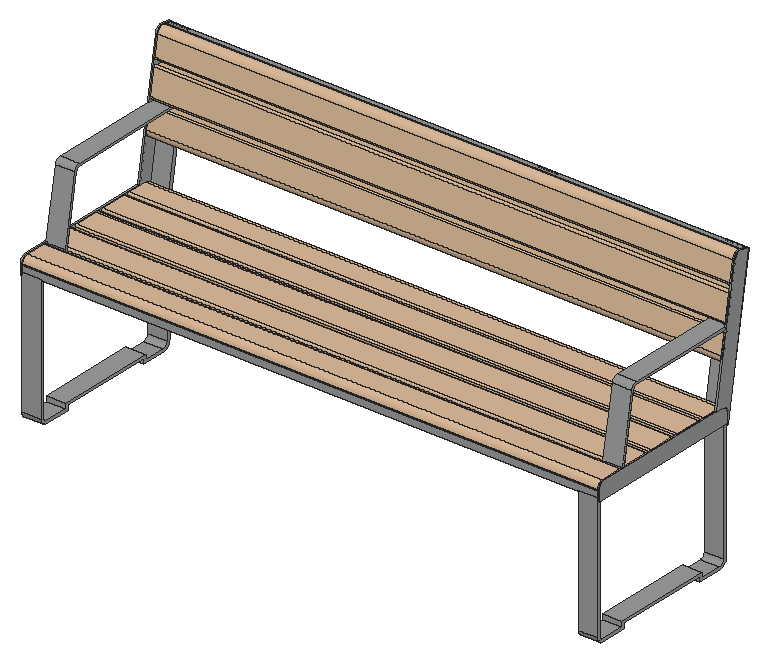
Revit family "1205-S-L", category Meble, Revit 2021
Family settings
  Numer OmniClass = 23.40.20.00
  Tytuł OmniClass = General Furniture and Specialties
  Oparty na płaszczyźnie roboczej = Nie
  Zawsze pionowo = Tak
  Tnij formami wycięć po wczytaniu = Nie
  Współdzielony = Nie
  Punkt obliczania pomieszczeń = Nie
Parameters (values of type "1205-S-L")
  wood = Mobilis Design Wood - Larch
  metal = Mobilis Design RAL 9023
  Width = "58 cm"
  Weight = "60 kg"
  URL = ""
  Seat height = "45 cm"
  Product line = "Tucana"
  Product Groups = ""
  Manufacturer = ""
  Keynote = ""
  Description = ""
  Model = "1205-S-L"
  Material = ""
  Maintenance = ""
  Lenght = "180 cm"
  Type Comments = ""
  Mobilis Design Materials = ""
  Hosted on = ""
  Height = "86 cm"
  Domyślna rzędna = 0 mm
  Copyright = "All designs and drawings are the common intellectual property of Lars Laj A/S and Tress and are protected by Danish and international copyright laws."
Reference planes
  plane 1 "front": y = 0
  plane 2: z = 0
  plane 3 "Środek (Lewa/Prawa)": x = 0
Forms (mm)
  Extrusion 1, solid, material "Mobilis Design Wood - Larch" <- "wood"
    sketch origin (0, -304.521, 21.46) x (0, 1, 0) y (0, 0, 1)
      loop
        arc (260.118, 430.04) -> (256.583, 428.576) -> (255.118, 425.04) r 5
        line (255.118, 425.04) -> (255.118, 388.972)
        arc (255.118, 388.972) -> (255.693, 387.586) -> (257.078, 387.012) r 1.96
        line (257.078, 387.012) -> (342.493, 387.012)
        arc (342.493, 387.012) -> (343.908, 387.598) -> (344.493, 389.012) r 2
        line (344.493, 389.012) -> (344.493, 425.04)
        arc (344.493, 425.04) -> (343.029, 428.576) -> (339.493, 430.04) r 5
        line (339.493, 430.04) -> (260.118, 430.04)
    from -895 to 895
  Extrusion 2, solid, material "Mobilis Design Wood - Larch" <- "wood"
    sketch origin (0, -406.971, 21.46) x (0, 1, 0) y (0, 0, 1)
      loop
        arc (260.118, 430.04) -> (256.583, 428.576) -> (255.118, 425.04) r 5
        line (255.118, 425.04) -> (255.118, 388.972)
        arc (255.118, 388.972) -> (255.693, 387.586) -> (257.078, 387.012) r 1.96
        line (257.078, 387.012) -> (342.493, 387.012)
        arc (342.493, 387.012) -> (343.908, 387.598) -> (344.493, 389.012) r 2
        line (344.493, 389.012) -> (344.493, 425.04)
        arc (344.493, 425.04) -> (343.029, 428.576) -> (339.493, 430.04) r 5
        line (339.493, 430.04) -> (260.118, 430.04)
    from -895 to 895
  Extrusion 3, solid, material "Mobilis Design Wood - Larch" <- "wood"
    sketch origin (0, -201.971, 23.25) x (0, 1, 0) y (0, 0, 1)
      loop
        arc (260.118, 428.25) -> (256.583, 426.786) -> (255.118, 423.25) r 5
        line (255.118, 423.25) -> (255.118, 387.182)
        arc (255.118, 387.182) -> (255.693, 385.796) -> (257.078, 385.222) r 1.96
        line (257.078, 385.222) -> (342.493, 385.222)
        arc (342.493, 385.222) -> (343.908, 385.808) -> (344.493, 387.222) r 2
        line (344.493, 387.222) -> (344.493, 423.25)
        arc (344.493, 423.25) -> (343.029, 426.786) -> (339.493, 428.25) r 5
        line (339.493, 428.25) -> (260.118, 428.25)
    from -895 to 895
  Extrusion 4, solid, material "Mobilis Design Wood - Larch" <- "wood"
    sketch origin (0, 639.233, 450.045) x (0, 0.173648, 0.984808) y (0, -0.984808, 0.173648)
      loop
        arc (260.118, 430.036) -> (256.583, 428.571) -> (255.118, 425.036) r 5
        line (255.118, 425.036) -> (255.118, 389.305)
        arc (255.118, 389.305) -> (255.693, 387.919) -> (257.078, 387.345) r 1.96
        line (257.078, 387.345) -> (340.844, 387.345) -> (341.155, 405.161) -> (343.788, 405.161)
        arc (343.788, 405.161) -> (338.342, 422.56) -> (321.714, 430.036) r 22.231
        line (321.714, 430.036) -> (260.118, 430.036)
    from -895 to 895
  Extrusion 5, solid, material "Mobilis Design Wood - Larch" <- "wood"
    sketch origin (0, 621.162, 348.398) x (0, 0.173648, 0.984808) y (0, -0.984808, 0.173648)
      loop
        arc (260.118, 429.703) -> (256.583, 428.239) -> (255.118, 424.703) r 5
        line (255.118, 424.703) -> (255.118, 388.972)
        arc (255.118, 388.972) -> (255.693, 387.586) -> (257.078, 387.012) r 1.96
        line (257.078, 387.012) -> (342.493, 387.012)
        arc (342.493, 387.012) -> (343.908, 387.598) -> (344.493, 389.012) r 2
        line (344.493, 389.012) -> (344.493, 424.703)
        arc (344.493, 424.703) -> (343.029, 428.239) -> (339.493, 429.703) r 5
        line (339.493, 429.703) -> (260.118, 429.703)
    from -895 to 895
  Extrusion 6, solid, material "Mobilis Design RAL 9023" <- "metal", not visible
    sketch origin (0, 0, 0) x (0, 1, 0) y (0, 0, 1)
      loop
        arc (71.187, 451.5) -> (57.045, 445.642) -> (51.187, 431.5) r 20
        line (51.187, 431.5) -> (51.187, 18.231)
        arc (51.187, 18.231) -> (56.527, 5.34) -> (69.418, 0) r 18.231
        line (69.418, 0) -> (153.638, 0) -> (153.638, 15) -> (448.638, 15) -> (448.638, 0) -> (527.023, 0)
        arc (527.023, 0) -> (542.307, 6.331) -> (548.638, 21.615) r 21.615
        line (548.638, 21.615) -> (548.638, 429.407)
        arc (548.638, 429.407) -> (542.168, 445.029) -> (526.545, 451.5) r 22.093
        line (526.545, 451.5) -> (71.187, 451.5)
    from 750.378 to 745
  Extrusion 7, solid, material "Mobilis Design RAL 9023" <- "metal", not visible
    sketch origin (0, 0, 0) x (0, 1, 0) y (0, 0, 1)
      loop
        line (548.638, 396.844) -> (629.375, 854.725) -> (601.836, 859.581)
        arc (601.836, 859.581) -> (585.224, 855.898) -> (576.082, 841.547) r 22.232
        line (576.082, 841.547) -> (507.306, 451.5) -> (526.545, 451.5)
        arc (526.545, 451.5) -> (542.168, 445.029) -> (548.638, 429.407) r 22.093
        line (548.638, 429.407) -> (548.638, 396.844)
    from 745 to 750.378
  Extrusion 8, solid, material "Mobilis Design RAL 9023" <- "metal"
    sketch origin (-150, -304.491, 0) x (0, -1, 0) y (0, 0, 1)
      loop
        line (-549.241, 400.262) -> (-51.187, 400.262) -> (-51.187, 431.5)
        arc (-51.187, 431.5) -> (-57.045, 445.642) -> (-71.187, 451.5) r 20
        line (-71.187, 451.5) -> (-507.306, 451.5) -> (-576.082, 841.547)
        arc (-576.082, 841.547) -> (-585.224, 855.898) -> (-601.836, 859.581) r 22.232
        line (-601.836, 859.581) -> (-629.375, 854.725) -> (-549.241, 400.262)
    from 745 to 750.378
  Extrusion 9, solid, material "Mobilis Design RAL 9023" <- "metal"
    sketch origin (0, -304.491, 0) x (0, 1, 0) y (0, 0, 1)
      loop
        line (548.638, 396.844) -> (629.375, 854.725) -> (621.989, 856.027) -> (543.073, 408.472) -> (51.187, 408.472) -> (51.187, 18.763)
        arc (51.187, 18.763) -> (56.683, 5.495) -> (69.95, 0) r 18.763
        line (69.95, 0) -> (153.638, 0) -> (153.638, 15) -> (448.638, 15) -> (448.638, 0) -> (525.342, 0)
        arc (525.342, 0) -> (541.815, 6.823) -> (548.638, 23.296) r 23.296
        line (548.638, 23.296) -> (548.638, 396.844)
      loop
        line (58.687, 400.262) -> (58.687, 18.763)
        arc (58.687, 18.763) -> (61.986, 10.799) -> (69.95, 7.5) r 11.263
        line (69.95, 7.5) -> (146.138, 7.5) -> (146.138, 22.5) -> (456.138, 22.5) -> (456.138, 7.5) -> (525.342, 7.5)
        arc (525.342, 7.5) -> (536.512, 12.127) -> (541.138, 23.296) r 15.796
        line (541.138, 23.296) -> (541.138, 400.262) -> (58.687, 400.262)
    from -895 to -835
  Extrusion 10, solid, material "Mobilis Design RAL 9023" <- "metal"
    sketch origin (0, -304.491, 0) x (0, 1, 0) y (0, 0, -1)
      loop
        line (548.638, -396.844) -> (548.638, -23.296)
        arc (548.638, -23.296) -> (541.815, -6.823) -> (525.342, 0) r 23.296
        line (525.342, 0) -> (448.638, 0) -> (448.638, -15) -> (153.638, -15) -> (153.638, 0) -> (69.95, 0)
        arc (69.95, 0) -> (56.683, -5.495) -> (51.187, -18.763) r 18.763
        line (51.187, -18.763) -> (51.187, -408.472) -> (543.073, -408.472) -> (621.989, -856.027) -> (629.375, -854.725) -> (548.638, -396.844)
      loop
        line (58.687, -400.262) -> (541.138, -400.262) -> (541.138, -23.296)
        arc (541.138, -23.296) -> (536.512, -12.127) -> (525.342, -7.5) r 15.796
        line (525.342, -7.5) -> (456.138, -7.5) -> (456.138, -22.5) -> (146.138, -22.5) -> (146.138, -7.5) -> (69.95, -7.5)
        arc (69.95, -7.5) -> (61.986, -10.799) -> (58.687, -18.763) r 11.263
        line (58.687, -18.763) -> (58.687, -400.262)
    from -895 to -835
  Extrusion 11, solid, material "Mobilis Design RAL 9023" <- "metal"
    sketch origin (0, -304.491, 0) x (0, 1, 0) y (0, 0, 1)
      loop
        line (577.342, 584.001) -> (621.788, 836.065) -> (618.753, 836.601) -> (574.307, 584.536) -> (577.342, 584.001)
      loop
        line (527.869, 408.472) -> (73.545, 408.472) -> (73.545, 405.609) -> (527.869, 405.609) -> (527.869, 408.472)
    from -250.845 to -310.616
  Extrusion 12, solid, material "Mobilis Design RAL 9023" <- "metal"
    sketch origin (0, -304.491, 0) x (0, 1, 0) y (0, 0, -1)
      loop
        line (577.342, -584.001) -> (574.124, -584.569) -> (621.989, -856.027) -> (625.208, -855.46) -> (577.342, -584.001)
      loop
        line (548.09, -408.472) -> (548.09, -405.609) -> (73.545, -405.609) -> (73.545, -408.472) -> (548.09, -408.472)
    from -255.616 to -315.616
  Extrusion 13, solid, material "Mobilis Design RAL 9023" <- "metal"
    sketch origin (150, -304.491, 0) x (0, 1, 0) y (0, 0, 1)
      loop
        line (548.638, 396.844) -> (629.375, 854.725) -> (601.836, 859.581)
        arc (601.836, 859.581) -> (585.224, 855.898) -> (576.082, 841.547) r 22.232
        line (576.082, 841.547) -> (507.306, 451.5) -> (526.545, 451.5)
        arc (526.545, 451.5) -> (542.168, 445.029) -> (548.638, 429.407) r 22.093
        line (548.638, 429.407) -> (548.638, 396.844)
    from 745 to 750.378
  Extrusion 14, solid, material "Mobilis Design RAL 9023" <- "metal"
    sketch origin (-600, -304.491, 0) x (0, 1, 0) y (0, 0, -1)
      loop
        line (201.286, -666.675) -> (591.375, -666.675) -> (590.359, -660.675) -> (201.286, -660.675)
        arc (201.286, -660.675) -> (192.655, -657.664) -> (187.77, -649.936) r 13.876
        line (187.77, -649.936) -> (151.888, -450) -> (151.799, -408.472) -> (145.796, -408.472) -> (145.796, -450) -> (181.888, -651.132)
        arc (181.888, -651.132) -> (188.672, -662.542) -> (201.286, -666.675) r 18.898
    from 235.625 to 295.625
  Extrusion 15, solid, material "Mobilis Design RAL 9023" <- "metal"
    sketch origin (600, -304.491, 0) x (0, 1, 0) y (0, 0, 1)
      loop
        arc (201.286, 666.675) -> (188.672, 662.542) -> (181.888, 651.132) r 18.898
        line (181.888, 651.132) -> (145.796, 450) -> (145.796, 407) -> (151.796, 407) -> (151.888, 450) -> (187.77, 649.936)
        arc (187.77, 649.936) -> (192.655, 657.664) -> (201.286, 660.675) r 13.876
        line (201.286, 660.675) -> (590.359, 660.675) -> (591.375, 666.675) -> (201.286, 666.675)
    from 235.625 to 295.625
  Extrusion 16, solid, material "Mobilis Design RAL 9023" <- "metal"
    sketch origin (0, -304.038, 0.163) x (0, 1, 0) y (0, 0, 1)
      loop
        line (624.848, 855.34) -> (604.709, 859.052) -> (604.207, 856.208) -> (621.46, 853.027) -> (618.538, 836.456) -> (621.274, 835.952) -> (624.848, 855.34)
    from -895 to 895
  Extrusion 17, solid, material "Mobilis Design Wood - Larch" <- "wood"
    sketch origin (0, 707.74, 836.612) x (0, -0.173648, -0.984808) y (0, 0.984808, -0.173648)
      loop
        line (260.118, -430.036) -> (321.714, -430.036)
        arc (321.714, -430.036) -> (338.433, -422.457) -> (343.753, -404.888) r 22.231
        line (343.753, -404.888) -> (341.15, -404.888) -> (340.844, -387.345) -> (257.078, -387.345)
        arc (257.078, -387.345) -> (255.693, -387.919) -> (255.118, -389.305) r 1.96
        line (255.118, -389.305) -> (255.118, -425.036)
        arc (255.118, -425.036) -> (256.583, -428.571) -> (260.118, -430.036) r 5
    from -895 to 895
  Extrusion 18, solid, material "Mobilis Design RAL 9023" <- "metal"
    sketch origin (0, -9.772, 1586.623) x (0, 0.934272, -0.356561) y (0, 0.356561, 0.934272)
      loop
        line (624.848, -855.34) -> (621.274, -835.952) -> (618.538, -836.456) -> (621.46, -853.027) -> (604.207, -856.208) -> (604.709, -859.052) -> (624.848, -855.34)
    from -895 to 895
  Extrusion 19, solid, material "Mobilis Design Wood - Larch" <- "wood"
    sketch origin (0, -508.986, 22.143) x (0, 1, 0) y (0, 0, 1)
      loop
        arc (275.801, 429.357) -> (261.616, 423.481) -> (255.74, 409.296) r 20.061
        line (255.74, 409.296) -> (255.74, 407.796) -> (259.646, 407.796) -> (259.646, 387.013) -> (343.118, 387.013)
        arc (343.118, 387.013) -> (344.532, 387.598) -> (345.117, 389.012) r 1.999
        line (345.117, 389.012) -> (345.117, 424.359)
        arc (345.117, 424.359) -> (343.653, 427.893) -> (340.119, 429.357) r 4.998
        line (340.119, 429.357) -> (275.801, 429.357)
    from -895 to 895
  Extrusion 20, solid, material "Mobilis Design RAL 9023" <- "metal"
    sketch origin (0, 207.2, 1359.666) x (0, -0.983564, -0.180562) y (0, 0.180562, -0.983564)
      loop
        line (624.851, 855.356) -> (603.222, 859.327) -> (602.701, 856.485) -> (621.46, 853.027) -> (617.714, 832.619) -> (620.563, 832.094) -> (624.851, 855.356)
    from -895 to 895
  Extrusion 21, solid, material "Mobilis Design Wood - Larch" <- "wood"
    sketch origin (0, 499.886, 20.892) x (0, -1, 0) y (0, 0, -1)
      loop
        line (275.801, -430.608) -> (340.119, -430.608)
        arc (340.119, -430.608) -> (343.653, -429.145) -> (345.117, -425.611) r 4.998
        line (345.117, -425.611) -> (345.117, -389.58)
        arc (345.117, -389.58) -> (344.532, -388.166) -> (343.118, -387.58) r 1.999
        line (343.118, -387.58) -> (259.022, -387.58) -> (259.022, -405.769) -> (255.74, -405.769) -> (255.74, -410.547)
        arc (255.74, -410.547) -> (261.616, -424.733) -> (275.801, -430.608) r 20.061
    from -895 to 895
  Extrusion 22, solid, material "Mobilis Design RAL 9023" <- "metal"
    sketch origin (0, -216.299, 1359.703) x (0, 0.983564, -0.180562) y (0, 0.180562, 0.983564)
      loop
        line (624.848, -855.34) -> (621.052, -834.746) -> (618.201, -835.272) -> (621.462, -853.04) -> (604.207, -856.208) -> (604.729, -859.049) -> (624.848, -855.34)
    from -895 to 895
  Extrusion 23, solid, material "Mobilis Design RAL 9023" <- "metal"
    sketch origin (150, -304.491, 0) x (0, -1, 0) y (0, 0, -1)
      loop
        line (-549.241, -400.262) -> (-629.375, -854.725) -> (-601.836, -859.581)
        arc (-601.836, -859.581) -> (-585.224, -855.898) -> (-576.082, -841.547) r 22.232
        line (-576.082, -841.547) -> (-507.306, -451.5) -> (-71.187, -451.5)
        arc (-71.187, -451.5) -> (-57.045, -445.642) -> (-51.187, -431.5) r 20
        line (-51.187, -431.5) -> (-51.187, -400.262) -> (-549.241, -400.262)
    from 745 to 750.378
Lines and regions (mm)
  model lines, style "9"
    curve 1: line (-895, -744.003, 0) -> (-895, -750.003, 0)
    curve 2: line (-895, -444.003, 0) -> (-895, -438.003, 0)
Dimensions and locks
  Extrusion 1 sketch curve to Extrusion 1 sketch curve = 89.375 mm
  Extrusion 1 sketch curve to Extrusion 1 sketch curve = 43.028 mm
  Extrusion 2 sketch curve to Extrusion 2 sketch curve = 89.375 mm
  Extrusion 2 sketch curve to Extrusion 2 sketch curve = 43.028 mm
  Extrusion 3 sketch curve to Extrusion 3 sketch curve = 89.375 mm
  Extrusion 3 sketch curve to Extrusion 3 sketch curve = 43.028 mm
  Extrusion 4 sketch curve to Extrusion 4 sketch curve = 42.691 mm
  Extrusion 5 sketch curve to Extrusion 5 sketch curve = 89.375 mm
  Extrusion 5 sketch curve to Extrusion 5 sketch curve = 42.691 mm
  Extrusion 17 sketch curve to Extrusion 17 sketch curve = 42.691 mm
  Extrusion 19 sketch curve to Extrusion 19 sketch curve = 42.344 mm
  Extrusion 21 sketch curve to Extrusion 21 sketch curve = 43.028 mm
  aligned and locked: level to plane 2
